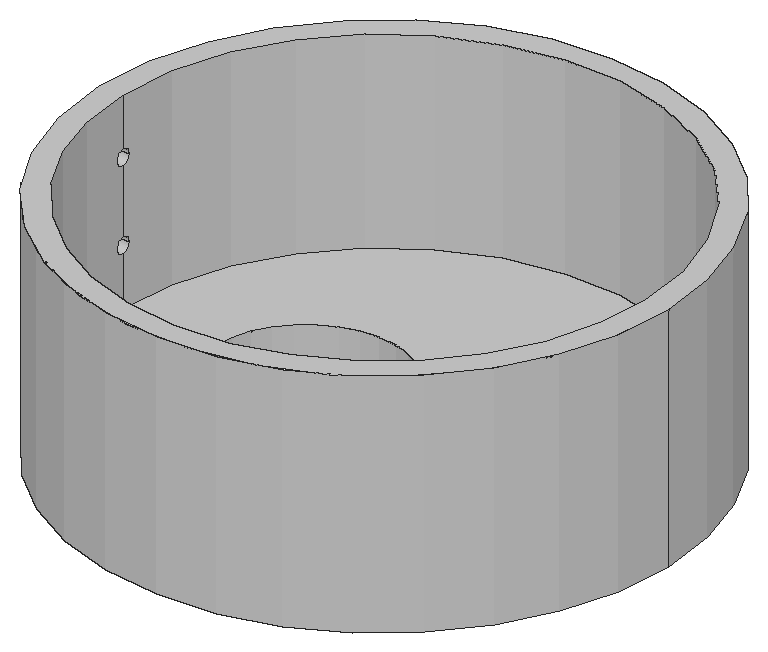
Revit family "KSP 20.9", category Фундамент несущей конструкции, Revit 2025
Family settings
  Материал для поведения модели = Прочее
  Заглушка = Нет
  Номер OmniClass = 23.25.05.00
  Заголовок OmniClass = Foundations
  На основе рабочей плоскости = Нет
  Всегда вертикально = Да
  При загрузке вырезать с полостями = Нет
  Общий = Нет
  Показывать семейство разрезанным на планах = Да
Parameters
  Петля = Петля_П1_П2 : П2
Reference planes
  plane 1 "По центру (Вперед/Назад)": y = -35
  plane 2: z = 0
  plane 3 "По центру (Влево/Вправо)": x = 0
  plane 4: z = 890
  plane 5: x = -1100
  plane 6: x = 1100
  plane 7: x = -1090
  plane 8: x = -1010
  plane 9: x = 1090
  plane 10: x = 1010
  plane 11: z = 370
  plane 12: x = -650
  plane 13: x = 50
  plane 14: x = -300
  plane 15: z = 675
Forms (mm)
  Extrusion 1, solid, material "Бетон В15"
    sketch origin (0, 0, 0) x (1, 0, 0) y (0, 1, 0)
      loop
        circle (0, -35) r 1100
      loop
        circle (0, -35) r 1010
    from 0 to 890
  Extrusion 2, void
    sketch origin (0, 0, 0) x (0, 1, 0) y (0, 0, 1)
      loop
        circle (-35, 370) r 30
    from -1090 to 1090
  Extrusion 3, solid, material "Бетон В15"
    sketch origin (0, 0, 0) x (1, 0, 0) y (0, 1, 0)
      loop
        circle (0, -35) r 1010
      loop
        circle (-300, -35) r 350
    from 0 to 150
  Extrusion 4, void
    sketch origin (0, 0, 305) x (0, 1, 0) y (0, 0, 1)
      loop
        circle (-35, 370) r 30
    from -1090 to 1090
Cuts and joins
  Extrusion 2, Extrusion 4 cuts Extrusion 1
  Extrusion 4 cuts Extrusion 3
  joined: Extrusion 1, Extrusion 3
Dimensions and locks
  plane 4 to level = 890 mm
  plane 11 to level = 370 mm
  plane 15 to plane 11 = 305 mm
  aligned and locked: plane 2 to level
